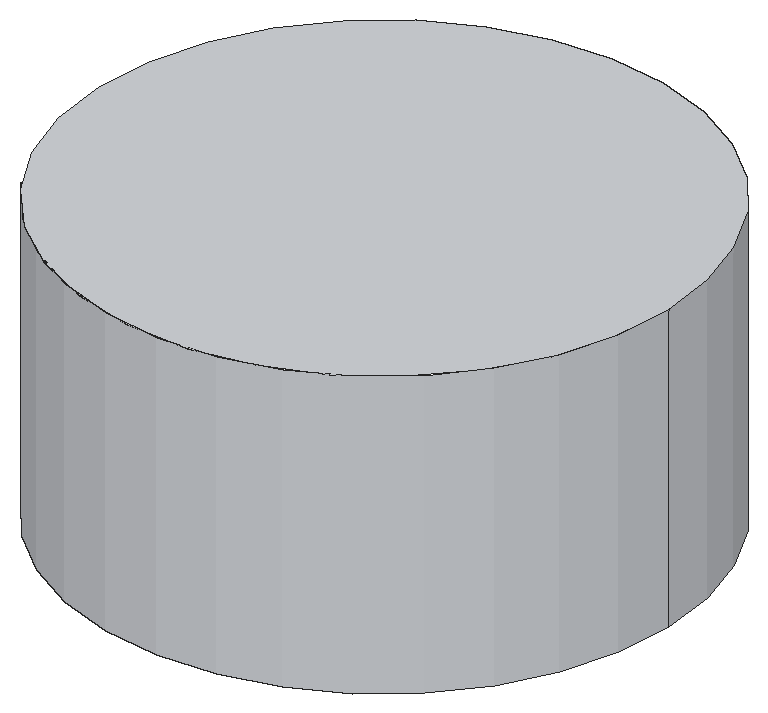
Revit family "ASF-4-C8", category Mechanical Equipment, Revit 2023
Family settings
  Round Connector Dimension = Use Diameter
  Classification = None
  Part Type = Normal
  OmniClass Number = 23.75.00.00
  OmniClass Title = Climate Control (HVAC)
  Work Plane-Based = No
  Always vertical = Yes
  Cut with Voids When Loaded = No
  Maintain Annotation Orientation = No
  Shared = No
  Room Calculation Point = No
Parameters (values of type "Standard")
  Volume = 0.0259527 CF
  Title = "Aura Solar Attic Fan - 8\" Tall Collar"
  Subject = "ASF-4-C8"
  Requested Accuracy = "Low"
  Part Number = "ASF-4-C8"
  Mass = 2.79098 lbm
  Designer = "CAD Machine"
  Design State = 1
  Density = 107.541 lb/ft³
  Default Elevation = 0' - 0"
  Creation Date = "11/10/2022"
  Connector_1_Diameter = 0' - 3 3/4"
  Center of Gravity = "X: -0.021 in Y: -4.648 in Z: 0.018 in"
  Author = "CAD Machine"
  Area = 10.379 SF
Reference planes (in)
  plane 1 "Center (Front/Back)": y = 0
  plane 2: z = 0
  plane 3 "Center (Left/Right)": x = 0
Forms (in)
  Extrusion 1, solid
    sketch origin (0, 0, -15.73464) x (1, 0, 0) y (0, 1, 0)
      loop
        circle (0, 0) r 0.12
    from 0 to -0.12
Dimensions and locks (in)
  aligned and locked: plane 2 to level
Connectors (in)
  hvac at (0, 0, -15.73464), driven by "Connector_1_Diameter"
    settings: on Extrusion 1, index 1, duct flow 0 CFM, flow factor 0, pres drop 0.00 in-wg, loss coef 0, conn angle 0.00°, conn width 12", conn height 12", conn diameter 3 3/4", duct sys type 3, conn prof type 0, flow config 1, flow direction 1, loss method 0, conn ref index -1, conn util no, is conn primary yes, conn desc ""
